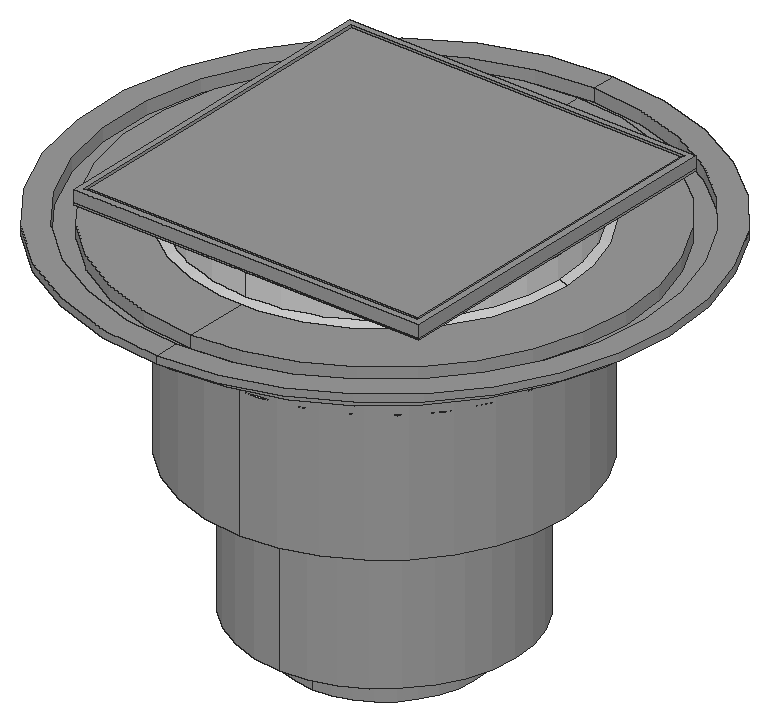
Revit family "HL_RU_Floor drain_HL3100-A-160411", category Instalační zařizovací předměty, Revit 2021
Family settings
  Kóta kulaté spojky = Použít průměr
  Typ dílu = Normální
  Číslo OmniClass = 23.70.50.21.24.14
  Nadpis OmniClass = Deck Waste Water Drains
  Založené na pracovní rovině = Ne
  Vždy vertikální = Ano
  Ořezat dutým tvarem při načtení = Ne
  Sdílené = Ano
  Bod výpočtu místnosti = Ano
Parameters
  РЕШЁТКА = "138 x 138 mm / V2A"
  РАЗМЕР = "DN50/75/110"
  ПРОПУСКНАЯ СПОСОБНОСТЬ = if(НОМИНАЛЬНЫЙ ДИАМЕТР = 50 mm, 1.25 L/s, 1.4 L/s)  # 1.25 L/s
  ПРОИЗВОДИТЕЛЬНОСТЬ = "DN50 1,25l/s, DN75/110 1,4l/s"
  ПРИЁМНОЕ ОТВЕРСТИЕ = ""
  ПРАВОВАЯ ИНФОРМАЦИЯ = "Авторские права(©), права на дизайн или какие либо другие права интелектуальной собственности являются исключительной собственностью компании HL Hutterer & Lechner. Изменению не подлежит. Файл семейства с данными о прозводителе изделия защищен паролем с водяным знаком."  # constant formula
  НОРМЫ = ""
  НОМИНАЛЬНЫЙ ДИАМЕТР = 50 mm
  НАСАДКА = "8-80 mm / 145 x 145 mm / PP-V4A"
  МАТЕРИАЛ = "PE"
  МАКСИМАЛЬНАЯ НАГРУЗКА КЛАССА = "K3 - 300kg"
  ВЫСОТА МОНТАЖА = "170mm"
  ВЕС = "1,04 [kg]"
  Výchozí výška = 0 mm
  Přípoj ventilace = no
  Výrobce = "HL Hutterer & Lechner GmbH"  # constant formula
  URL = "http://www.hutterer-lechner.com/ru/products/catalog/floor-drains/attachments/HL3100.aspx"
  Přípoj odpadních dílů = yes
  Přípoj HW = no
  Popis = "Трапы для внутренних помещений"
  Model = "HL3100"
  Komentáře k typům = "HL3100 Трап для внутренних помещений DN50/75/110 вертикальный 145x145 мм система крепления решётки Klick-Klack/138x138мм"
  Keynote = "HL3100"
  Высота монтажа [instance] = 177.746 mm
  EAN = "9003076025428"
  DN_test [instance] = if(or(НОМИНАЛЬНЫЙ ДИАМЕТР = 50 mm, НОМИНАЛЬНЫЙ ДИАМЕТР = 75 mm, НОМИНАЛЬНЫЙ ДИАМЕТР = 110 mm), 30 mm, 0 mm)  # 30 mm
  Přípoj CW = no
  B [instance] = if(НОМИНАЛЬНЫЙ ДИАМЕТР = 110 mm, Высота монтажа - 14.8 mm, Высота монтажа)  # 177.746 mm
  A [instance] = if(B - 100 mm > 15 mm, B - 100 mm, 15 mm)  # 77.746 mm
Reference planes
  plane 1 "Center (Front/Back)": y = 0
  plane 2: z = 0
  plane 3 "Center (Left/Right)": x = 0
  plane 4 "Ball Joint Vertical": x = 25.45
  plane 5: z = -177.746
  plane 6: z = -177.746
Lines and regions (mm)
  model lines, style "InvisibleLines"
    curve 1: line (0, 0, 0) -> (0, 0, 1000)
  reference lines
    curve 2: line (0, 0, 0) -> (0, 0, -177.746)
  model lines, detail levels coarse+medium
    curve 3: line (0, 0, -177.746) -> (0, 0, -100)
    curve 4: line (0, 0, -100) -> (100, 0, 0)
    curve 5: line (0, 0, -100) -> (-100, 0, 0)
  symbolic lines, detail levels coarse+medium
    curve 6: line (-75, 75, 0) -> (75, 75, 0)
    curve 7: line (-75, -75, 0) -> (-75, 75, 0)
    curve 8: line (75, -75, 0) -> (-75, -75, 0)
    curve 9: line (75, 75, 0) -> (75, -75, 0)
    curve 10: line (75, 75, 0) -> (145.711, 145.711, 0)
    curve 11: line (75, -75, 0) -> (145.711, -145.711, 0)
    curve 12: line (-75, 75, 0) -> (-145.711, 145.711, 0)
    curve 13: line (-75, -75, 0) -> (-145.711, -145.711, 0)
  symbolic lines, not visible, detail levels coarse+medium
    curve 14: line (-75, 75, 0) -> (75, 75, 0)
    curve 15: line (-75, -75, 0) -> (-75, 75, 0)
    curve 16: line (75, -75, 0) -> (-75, -75, 0)
    curve 17: line (75, 75, 0) -> (75, -75, 0)
    curve 18: line (75, 75, 0) -> (145.711, 145.711, 0)
    curve 19: line (75, -75, 0) -> (145.711, -145.711, 0)
    curve 20: line (-75, 75, 0) -> (-145.711, 145.711, 0)
    curve 21: line (-75, -75, 0) -> (-145.711, -145.711, 0)
  symbolic lines, style "InvisibleLines", not visible
    curve 22: line (0, 0, 0) -> (0, 0, -30)
Text (mm)
  text "ПОЛ" at (-198.233, 0, -26.556), in view "Drain Construction View"
Dimensions and locks
  locked: plane 4 "Ball Joint Vertical" to plane 3 "Center (Left/Right)" at 25.45
  "Высота монтажа": plane 2 to plane 5
  "A": curve 5 to plane 6
  "B": curve 5 to plane 6
  "B": curve 4 to plane 6
  "B": plane 2 to plane 6
  "DN_test": curve 22 to curve 22
  locked: curve 4 to plane 3 "Center (Left/Right)" (angle 45.00°)
  locked: plane 3 "Center (Left/Right)" to curve 5 (angle 45.00°)
  aligned and locked: level to plane 2
  aligned and locked: plane 2 to curve 1
  aligned and locked: plane 3 "Center (Left/Right)" to curve 1
  aligned and locked: plane 3 "Center (Left/Right)" to curve 2
  aligned and locked: plane 3 "Center (Left/Right)" to curve 3
  aligned and locked: plane 3 "Center (Left/Right)" to curve 5
  aligned and locked: plane 5 to nested 2
  aligned and locked: plane 2 to curve 2
  aligned and locked: plane 6 to curve 3
  aligned and locked: plane 6 to curve 2
Automatic sketch dimensions
  level to curve 1 = 1000 mm
Nested families
  nested 1: "HL_Насадная деталь_HL03910.2E" at (0, 0, 0), type "HL03910.2E_Main Component"
    with Высота монтажа 30 mm, RN 5, RL 32.5 mm, R yes, NL_Test yes, NL 50 mm
  nested 2: "HL_Корпус для трапа внутренних помещений_HL3100K" at (0, 0, -16.339), type "HL3100K_Main Component"
  nested 3: "HL_Вкладыш сифона_HL05100.7E" at (0, 0, -5), type "HL05100.7E_Main Component"
  nested 4: "HL_Решётка_HL03910.1E" at (0, 0, 0), type "HL03910.1E_Main Component"
Connectors
  piping at (0, 0, -177.746), diameter 50, driven by "ПРОПУСКНАЯ СПОСОБНОСТЬ", driven by "НОМИНАЛЬНЫЙ ДИАМЕТР"
    settings: on curve 2, index 1, connector inside diameter 609.6 mm, connector length 0 mm, flow factor 0, pipe flow 1.25 L/s, pressure drop 0.0 Pa, fitting loss kfactor 0, connector angle 0.00°, fixture units 0, engagement length 0 mm, angle of deflection 0.00°, flow configuration 1, flow direction 2, fitting loss method 0, system type 16, joint type 0, gender type 0, connector reference index -1, connector utility 0, adjustable connector no, is connector primary yes, connector description ""
Definition of nested family "HL_Насадная деталь_HL03910.2E"
  Parameters
    РАЗМЕР = "d 146 mm"
    ПРАВОВАЯ ИНФОРМАЦИЯ = "Авторские права(©), права на дизайн или какие либо другие права интелектуальной собственности являются исключительной собственностью компании HL Hutterer & Lechner. Изменению не подлежит. Файл семейства с данными о прозводителе изделия защищен паролем с водяным знаком."  # constant formula
    НАСАДКА = "145 x 145 mm"
    МАТЕРИАЛ = "PP-V4A"
    Высота монтажа [instance] = 80 mm
    ВЫСОТА МОНТАЖА = "8 - 80 mm"
    ВЕС = "0,25 [kg]"
    Waste Connection = yes
    Default Elevation = 0 mm
    Vent Connection = no
    RD = 6.5 mm  # constant formula
    R [instance] = ((Высота монтажа - NL_Min) / RD - 1) > 2  # yes
    RL [instance] = if(Высота монтажа < 15 mm, 1 mm, RD * RN)  # 84.5 mm
    NL_Test [instance] = and(or(Высота монтажа < NL_Max, Высота монтажа = NL_Max), or(Высота монтажа > NL_Min, Высота монтажа = NL_Min))  # yes
    NL_Min = 8 mm
    NL_Max = 80 mm
    NL [instance] = if(NL_Test, Высота монтажа + 20 mm, 0 mm)  # 100 mm
    RN [instance] = if((Высота монтажа + 20 mm - NL_Min) / RD - 1 < 2, 2, (Высота монтажа + 20 mm - NL_Min) / RD - 1)  # 13
    Manufacturer = "HL Hutterer & Lechner GmbH"  # constant formula
    URL = "http://www.hutterer-lechner.com/ru/products/catalog/floor-drains/attachments/HL03910.2e.aspx"
    HW Connection = no
    Description = "Трапы для внутренних помещений - Комплектующие"
    Model = "HL03910.2E"
    Type Comments = "HL03910.2E Насадной подрамник ? 146 мм/подрамники из нержавеющей стали 145х145 мм с уплотнительным кольцом. Система крепления Klick-Klack"
    Keynote = "HL03910.2E"
    EAN = "9003076025626"
    CW Connection = no
  Reference planes
    plane 1 "Center (Front/Back)": y = 0
    plane 2: z = 0
    plane 3 "Center (Left/Right)": x = 0
    plane 4 "Ball Joint Vertical": x = 25.45
    plane 5: z = -100
  Forms (mm)
    Revolve 1, solid, detail levels fine
      sketch origin (0, 0, 0) x (0, 1, 0) y (0, 0, 1)
        loop
          line (72.9, -100) -> (72.9, -5.7) -> (67.492, -5.7) -> (67.492, -100) -> (72.9, -100)
        axis (0, -5.7) -> (0, -100)
      angle from 0 to 360
    Extrusion 2, solid, detail levels fine
      sketch origin (0, 0, 0) x (1, 0, 0) y (0, 1, 0)
        loop
          circle (0, 0) r 67.492
        loop
          line (-72.5, 72.5) -> (-72.5, -72.5) -> (72.5, -72.5) -> (72.5, 72.5) -> (-72.5, 72.5)
      from -5 to -5.7
    Sweep 3, solid, detail levels fine
      path origin (0, 0, 0) x (1, 0, 0) y (0, 1, 0)
        loop
          line (-72.5, 72.5) -> (-72.5, -72.5) -> (72.5, -72.5) -> (72.5, 72.5) -> (-72.5, 72.5)
      profile origin (0, 72.5, 0) x (0, 1, 0) y (0, 0, 1)
        loop
          line (0, 0) -> (-2.5, 0) -> (-2.5, -5) -> (0, -5) -> (0, 0)
  Lines and regions (mm)
    symbolic lines
      curve 1: line (0, 0, -100) -> (0, 0, 0)
  Text (mm)
    text "ROOF/FLOOR" at (-198.233, 0, -26.556), in view "Drain Construction View"
  Dimensions and locks
    locked: plane 4 "Ball Joint Vertical" to plane 3 "Center (Left/Right)" at 25.45
    "NL": plane 2 to plane 5
    equal spacing: group 1, group 3, group 4, group 5, group 6, group 7, group 8, group 9, group 10, group 11, group 12, group 13, group 2  (x3)
    "RL": nested 2 to nested 1
    locked: nested 1 to plane 5 at 1.516
    aligned and locked: level to plane 2
    aligned and locked: plane 3 "Center (Left/Right)" to nested 1
    aligned and locked: plane 1 "Center (Front/Back)" to nested 1
    aligned and locked: plane 2 to curve 1
    aligned and locked: plane 5 to curve 1
    aligned and locked: plane 5 to Revolve 1
  Automatic sketch dimensions
    curve 1 to plane 4 "Ball Joint Vertical" = 25.45 mm
    Revolve 1 sketch curve to plane 1 "Center (Front/Back)" = 0 mm
    Revolve 1 sketch curve to level = 5.7 mm
    Revolve 1 sketch curve to plane 1 "Center (Front/Back)" = 67.492 mm
    Revolve 1 sketch curve to plane 5 = 0 mm
    Revolve 1 sketch curve to Revolve 1 sketch curve = 445.992 mm
    level to Revolve 1 sketch curve = 2741.474 mm
    Extrusion 2 sketch curve to Extrusion 2 sketch curve = 0 mm  (x2)
    plane 1 "Center (Front/Back)" to Extrusion 2 sketch curve = 0 mm
    Extrusion 2 sketch curve to plane 3 "Center (Left/Right)" = 0 mm
    Extrusion 2 sketch curve to plane 3 "Center (Left/Right)" = 72.5 mm
    plane 4 "Ball Joint Vertical" to Extrusion 2 sketch curve = 47.05 mm
    plane 1 "Center (Front/Back)" to Extrusion 2 sketch curve = 72.5 mm
    Extrusion 2 sketch curve to plane 1 "Center (Front/Back)" = 72.5 mm
    plane 1 "Center (Front/Back)" to Extrusion 2 sketch curve = 67.492 mm
    Sweep 3 sketch curve to plane 3 "Center (Left/Right)" = 72.5 mm
    plane 4 "Ball Joint Vertical" to Sweep 3 sketch curve = 47.05 mm
    plane 1 "Center (Front/Back)" to Sweep 3 sketch curve = 72.5 mm
    Sweep 3 sketch curve to plane 1 "Center (Front/Back)" = 72.5 mm
    Sweep 3 sketch curve to profile plane = 0 mm  (x2)
    profile plane to Sweep 3 sketch curve = 2.5 mm
    Sweep 3 sketch curve to profile plane = 5 mm
    Revolve 1 sketch curve to Revolve 1 sketch curve = 5.408 mm
  Nested families
    nested 1: "Ring" at (0, 0, -98.484), visible <- "R", type "Ring"
      with R 72.9 mm, D 145.8 mm
    nested 2: "Ring" at (0, 0, -13.984), visible <- "R", type "Ring"
      with R 72.9 mm, D 145.8 mm
    nested 3: "Ring" at (0, 0, -91.442), visible <- "R", type "Ring"
      with R 72.9 mm, D 145.8 mm
    nested 4: "Ring" at (0, 0, -84.401), visible <- "R", type "Ring"
      with R 72.9 mm, D 145.8 mm
    nested 5: "Ring" at (0, 0, -77.359), visible <- "R", type "Ring"
      with R 72.9 mm, D 145.8 mm
    nested 6: "Ring" at (0, 0, -70.317), visible <- "R", type "Ring"
      with R 72.9 mm, D 145.8 mm
    nested 7: "Ring" at (0, 0, -63.276), visible <- "R", type "Ring"
      with R 72.9 mm, D 145.8 mm
    nested 8: "Ring" at (0, 0, -56.234), visible <- "R", type "Ring"
      with R 72.9 mm, D 145.8 mm
    nested 9: "Ring" at (0, 0, -49.192), visible <- "R", type "Ring"
      with R 72.9 mm, D 145.8 mm
    nested 10: "Ring" at (0, 0, -42.151), visible <- "R", type "Ring"
      with R 72.9 mm, D 145.8 mm
    nested 11: "Ring" at (0, 0, -35.109), visible <- "R", type "Ring"
      with R 72.9 mm, D 145.8 mm
    nested 12: "Ring" at (0, 0, -28.067), visible <- "R", type "Ring"
      with R 72.9 mm, D 145.8 mm
    nested 13: "Ring" at (0, 0, -21.026), visible <- "R", type "Ring"
      with R 72.9 mm, D 145.8 mm
  Definition of nested family "Ring"
    Parameters (values of type "Ring")
      Manufacturer = ""
      Default Elevation = 0 mm
      URL = ""
      R = D / 2  # 51.5 mm
      Description = ""
      Model = ""
      Material = none
      Type Comments = ""
      D = 103 mm
      Cost = 0
    Reference planes
      plane 1 "Střed (vpředu/vzadu)": y = 0
      plane 2: z = 0
      plane 3 "Střed (vlevo/vpravo)": x = 0
    Forms (mm)
      Revolve 1, solid, material <- "Material", detail levels fine
        sketch origin (0, 0, 0) x (1, 0, 0) y (0, 0, 1)
          loop
            line (-51.5, 1.482) -> (-54.764, 0) -> (-51.5, -1.516) -> (-51.5, 1.482)
          axis (0, 1.482) -> (0, -1.516)
        angle from 0 to 360
    Dimensions and locks
      "R": Revolve 1 sketch curve to plane 3 "Střed (vlevo/vpravo)"
      aligned and locked: level to plane 2
      aligned and locked: Revolve 1 sketch curve to plane 3 "Střed (vlevo/vpravo)"
    Automatic sketch dimensions
      Revolve 1 sketch curve to level = 0 mm
      Revolve 1 sketch curve to Revolve 1 sketch curve = 3.264 mm
      Revolve 1 sketch curve to level = 1.516 mm
      level to Revolve 1 sketch curve = 1.482 mm
      Revolve 1 sketch curve to level = 381 mm
      Revolve 1 sketch curve to Revolve 1 sketch curve = 2212.833 mm
Definition of nested family "HL_Корпус для трапа внутренних помещений_HL3100K"
  Parameters
    РАЗМЕР = "DN50/75/110"
    ПРАВОВАЯ ИНФОРМАЦИЯ = "Авторские права(©), права на дизайн или какие либо другие права интелектуальной собственности являются исключительной собственностью компании HL Hutterer & Lechner. Изменению не подлежит. Файл семейства с данными о прозводителе изделия защищен паролем с водяным знаком."  # constant formula
    МАТЕРИАЛ = "PE"
    ВЫСОТА МОНТАЖА = "162 mm"
    ВЕС = "0,45 [kg]"
    Waste Connection = yes
    Default Elevation = 0 mm
    Vent Connection = no
    Manufacturer = "HL Hutterer & Lechner GmbH"  # constant formula
    URL = "http://www.hutterer-lechner.com/ru/products/catalog/floor-drains/attachments/HL3100k.aspx"
    HW Connection = no
    Description = "Трапы для внутренних помещений - Комплектующие"
    Model = "HL3100K"
    Type Comments = "HL3100K Корпус для трапа внутренних помещений DN50/75/110 вертикальный"
    Keynote = "HL3100K"
    EAN = "9003076025510"
    CW Connection = no
  Reference planes
    plane 1 "Center (Front/Back)": y = 0
    plane 2: z = 0
    plane 3 "Center (Left/Right)": x = 0
    plane 4 "Ball Joint Vertical": x = 25.45
  Forms (mm)
    Revolve 1, solid, detail levels fine
      sketch origin (0, 0, 0) x (0, 1, 0) y (0, 0, 1)
        loop
          line (119.5, 0) -> (109.5, 0) -> (109.5, -5.224) -> (101.35, -5.224) -> (101.35, 0) -> (72.99, 0) -> (72.99, -83.661) -> (52.566, -83.661) -> (37.468, -103.337) -> (22, -103.337) -> (22, -161.407) -> (25, -161.407) -> (25, -106.289) -> (34.5, -106.289) -> (34.5, -161.407) -> (37.5, -161.407) -> (37.5, -108.224) -> (52, -89.327) -> (52, -146.644) -> (55, -146.644) -> (55, -86.614) -> (76, -86.614) -> (76, -8.177) -> (112.402, -8.177) -> (112.402, -3.004) -> (119.5, -3.004) -> (119.5, 0)
        axis (0, 0) -> (0, -161.407)
      angle from 0 to 360
  Text (mm)
    text "ROOF/FLOOR" at (-198.233, 0, -26.556), in view "Drain Construction View"
  Dimensions and locks
    locked: plane 4 "Ball Joint Vertical" to plane 3 "Center (Left/Right)" at 25.45
    aligned and locked: level to plane 2
Definition of nested family "HL_Вкладыш сифона_HL05100.7E"
  Parameters
    ПРАВОВАЯ ИНФОРМАЦИЯ = "Авторские права(©), права на дизайн или какие либо другие права интелектуальной собственности являются исключительной собственностью компании HL Hutterer & Lechner. Изменению не подлежит. Файл семейства с данными о прозводителе изделия защищен паролем с водяным знаком."  # constant formula
    МАТЕРИАЛ = "PP"
    ВЕС = "0,14 [kg]"
    Waste Connection = yes
    Default Elevation = 0 mm
    Vent Connection = no
    Manufacturer = "HL Hutterer & Lechner GmbH"  # constant formula
    URL = "http://www.hutterer-lechner.com/ru/Products/catalog/floor-drains/attachments/HL05100.7E.aspx"
    HW Connection = no
    Description = "Трапы для внутренних помещений - Комплектующие"
    Model = "HL05100.7E"
    Type Comments = "HL05100.7E Вкладыш сифона комплект"
    Keynote = "HL05100.7E"
    EAN = "9003076025602"
    CW Connection = no
  Reference planes
    plane 1 "Center (Front/Back)": y = 0
    plane 2: z = 0
    plane 3 "Center (Left/Right)": x = 0
    plane 4 "Ball Joint Vertical": x = 25.45
  Forms (mm)
    Revolve 1, solid, detail levels fine
      sketch origin (0, 0, 0) x (0, 1, 0) y (0, 0, 1)
        loop
          line (61.992, 0) -> (61.992, -79) -> (27, -79) -> (27, -19) -> (25.2, -19) -> (25.2, -81) -> (63.9, -81) -> (63.9, -15) -> (67, -14.729) -> (67, -2) -> (69.6, -2) -> (69.6, 0) -> (61.992, 0)
        axis (0, 0) -> (0, -81)
      angle from 0 to 360
    Revolve 2, solid, detail levels fine
      sketch origin (0, 0, 0) x (0, 1, 0) y (0, 0, 1)
        loop
          line (67, -7.58) -> (67, -10.92)
          arc (67, -10.92) -> (67.9, -9.25) -> (67, -7.58) r 2
        axis (0, -7.58) -> (0, -10.92)
      angle from 0 to 360
    Revolve 3, solid, detail levels fine
      sketch origin (0, 0, 0) x (0, 1, 0) y (0, 0, 1)
        loop
          line (45, -69.49) -> (46.989, -69.49) -> (46.989, 0) -> (0, 0) -> (0, -2.28) -> (45, -2.28) -> (45, -69.49)
        axis (0, 0) -> (0, -69.49)
      angle from 0 to 360
    Extrusion 4, solid, detail levels fine
      sketch origin (0, 0, 0) x (1, 0, 0) y (0, 1, 0)
        loop
          line (-8, 35) -> (-8, 8) -> (-35.2, 8) -> (-35.2, -8) -> (-8, -8) -> (-8, -35) -> (8, -35) -> (8, -8) -> (35.2, -8) -> (35.2, 8) -> (8, 8) -> (8, 35) -> (-8, 35)
      from -92 to -94.035
    Extrusion 5, solid, detail levels fine
      sketch origin (0, 0, 0) x (1, 0, 0) y (0, 1, 0)
        loop
          line (-28.8, -8) -> (-28.8, 8) -> (-35.2, 8) -> (-35.2, -8) -> (-28.8, -8)
        loop
          line (28.8, 8) -> (28.8, -8) -> (35.2, -8) -> (35.2, 8) -> (28.8, 8)
      from -92 to -81
  Cuts and joins
    joined: Revolve 1, Extrusion 4, Extrusion 5
  Text (mm)
    text "ROOF/FLOOR" at (-198.233, 0, -26.556), in view "Drain Construction View"
  Dimensions and locks
    locked: plane 4 "Ball Joint Vertical" to plane 3 "Center (Left/Right)" at 25.45
    aligned and locked: level to plane 2
Definition of nested family "HL_Решётка_HL03910.1E"
  Parameters
    РАЗМЕР = "138x138mm"
    ПРАВОВАЯ ИНФОРМАЦИЯ = "Авторские права(©), права на дизайн или какие либо другие права интелектуальной собственности являются исключительной собственностью компании HL Hutterer & Lechner. Изменению не подлежит. Файл семейства с данными о прозводителе изделия защищен паролем с водяным знаком."  # constant formula
    МАКСИМАЛЬНАЯ НАГРУЗКА КЛАССА = "K3 - 300 kg"
    ВЕС = "0,22 [kg]"
    Waste Connection = yes
    Default Elevation = 0 mm
    Vent Connection = no
    Manufacturer = "HL Hutterer & Lechner GmbH"  # constant formula
    URL = "http://www.hutterer-lechner.com/ru/Products/catalog/floor-drains/attachments/HL03910.1E.aspx"
    HW Connection = no
    Description = "Трапы для внутренних помещений - Комплектующие"
    Model = "HL03910.1E"
    Type Comments = "HL03910.1E Решётка из нержавеющей стали 138х138 мм"
    Keynote = "HL03910.1E"
    EAN = "9003076025633"
    CW Connection = no
  Reference planes
    plane 1 "Center (Front/Back)": y = 0
    plane 2: z = 0
    plane 3 "Center (Left/Right)": x = 0
    plane 4 "Ball Joint Vertical": x = 25.45
  Forms (mm)
    Extrusion 1, solid, detail levels fine
      sketch origin (0, 0, 0) x (1, 0, 0) y (0, 1, 0)
        loop
          line (-69, 69) -> (-69, -69) -> (69, -69) -> (69, 69) -> (-69, 69)
      from 0 to -5
  Lines and regions (mm)
    model lines, detail levels fine
      curve 1: arc (30.966, 53.713, 0) -> (0, 62, 0) -> (-30.966, 53.713, 0) r 62
      curve 2: arc (26.97, 46.783, 0) -> (0, 54, 0) -> (-26.97, 46.783, 0) r 54
      curve 3: arc (-19.637, 37.127, 0) -> (0, 42, 0) -> (19.637, 37.127, 0) r 42
      curve 4: arc (-15.897, 30.055, 0) -> (0, 34, 0) -> (15.897, 30.055, 0) r 34
      curve 5: arc (15.897, 30.055, 0) -> (21.303, 31.72, 0) -> (19.637, 37.127, 0) r 4
      curve 6: arc (-15.897, 30.055, 0) -> (-21.303, 31.72, 0) -> (-19.637, 37.127, 0) r 4
      curve 7: arc (-30.966, 53.713, 0) -> (-32.433, 48.25, 0) -> (-26.97, 46.783, 0) r 4
      curve 8: arc (26.97, 46.783, 0) -> (32.433, 48.25, 0) -> (30.966, 53.713, 0) r 4
      curve 9: arc (53.713, 30.966, 0) -> (62, 0, 0) -> (53.713, -30.966, 0) r 62
      curve 10: arc (46.783, 26.97, 0) -> (54, 0, 0) -> (46.783, -26.97, 0) r 54
      curve 11: arc (46.783, 26.97, 0) -> (48.25, 32.433, 0) -> (53.713, 30.966, 0) r 4
      curve 12: arc (53.713, -30.966, 0) -> (48.25, -32.433, 0) -> (46.783, -26.97, 0) r 4
      curve 13: arc (37.127, -19.637, 0) -> (42, 0, 0) -> (37.127, 19.637, 0) r 42
      curve 14: arc (30.055, -15.897, 0) -> (34, 0, 0) -> (30.055, 15.897, 0) r 34
      curve 15: arc (30.055, 15.897, 0) -> (31.72, 21.303, 0) -> (37.127, 19.637, 0) r 4
      curve 16: arc (30.055, -15.897, 0) -> (31.72, -21.303, 0) -> (37.127, -19.637, 0) r 4
      curve 17: arc (15.897, -30.055, 0) -> (0, -34, 0) -> (-15.897, -30.055, 0) r 34
      curve 18: arc (19.637, -37.127, 0) -> (0, -42, 0) -> (-19.637, -37.127, 0) r 42
      curve 19: arc (15.897, -30.055, 0) -> (21.303, -31.72, 0) -> (19.637, -37.127, 0) r 4
      curve 20: arc (-15.897, -30.055, 0) -> (-21.303, -31.72, 0) -> (-19.637, -37.127, 0) r 4
      curve 21: arc (26.97, -46.783, 0) -> (0, -54, 0) -> (-26.97, -46.783, 0) r 54
      curve 22: arc (30.966, -53.713, 0) -> (0, -62, 0) -> (-30.966, -53.713, 0) r 62
      curve 23: arc (-30.966, -53.713, 0) -> (-32.433, -48.25, 0) -> (-26.97, -46.783, 0) r 4
      curve 24: arc (26.97, -46.783, 0) -> (32.433, -48.25, 0) -> (30.966, -53.713, 0) r 4
      curve 25: arc (-30.055, 15.897, 0) -> (-34, 0, 0) -> (-30.055, -15.897, 0) r 34
      curve 26: arc (-37.127, 19.637, 0) -> (-42, 0, 0) -> (-37.127, -19.637, 0) r 42
      curve 27: arc (-30.055, -15.897, 0) -> (-31.72, -21.303, 0) -> (-37.127, -19.637, 0) r 4
      curve 28: arc (-30.055, 15.897, 0) -> (-31.72, 21.303, 0) -> (-37.127, 19.637, 0) r 4
      curve 29: arc (-46.783, 26.97, 0) -> (-54, 0, 0) -> (-46.783, -26.97, 0) r 54
      curve 30: arc (-53.713, 30.966, 0) -> (-62, 0, 0) -> (-53.713, -30.966, 0) r 62
      curve 31: arc (-46.783, 26.97, 0) -> (-48.25, 32.433, 0) -> (-53.713, 30.966, 0) r 4
      curve 32: arc (-53.713, -30.966, 0) -> (-48.25, -32.433, 0) -> (-46.783, -26.97, 0) r 4
    model lines
      curve 33: line (0, 0, 0) -> (0, 0, 100)
  Text (mm)
    text "ROOF/FLOOR" at (-198.233, 0, -26.556), in view "Drain Construction View"
  Dimensions and locks
    locked: plane 4 "Ball Joint Vertical" to plane 3 "Center (Left/Right)" at 25.45
    aligned and locked: level to plane 2
